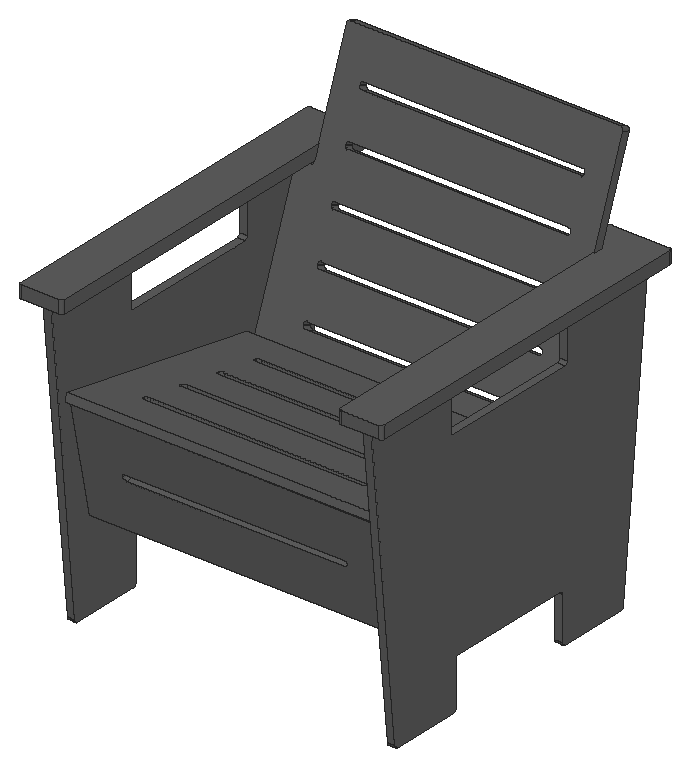
Revit family "Lollygagger Go Lounge", category Furniture, Revit 2016
Family settings
  OmniClass Number = 23.40.20.00
  OmniClass Title = General Furniture and Specialties
  Work Plane-Based = No
  Always vertical = Yes
  Cut with Voids When Loaded = No
  Shared = No
  Room Calculation Point = No
Parameters (values of type "Loll-Black")
  Width = 2' - 5 1/32"  # constant formula
  URL = "https://lolldesigns.com/"
  Type Image = go_lounge.jpg
  Thick = 0' - 1"  # constant formula
  Model = ""
  Manufacturer = "Loll"  # constant formula
  Length = 2' - 5 1/8"  # constant formula
  Height Top = 2' - 1"  # constant formula
  Finish Material = Loll-Black
  Apron = 1' - 8"  # constant formula
Reference planes (in)
  plane 1 "Center Front/Back": y = 0
  plane 2: z = 0
  plane 3 "Center Left/Right": x = 0
  plane 4: z = 25
  plane 5: z = 24
  plane 6: y = 14.51563
  plane 7: y = -14.51562
  plane 8: z = 4
  plane 9: x = -14.5625
  plane 10: x = 14.5625
  plane 11: y = 11.49316
  plane 12: y = -11.49341
  plane 13: x = 13.125
  plane 14: x = 12.5
  plane 15: x = -13.125
  plane 16: x = -12.5
  plane 17: x = -11.0625
  plane 18: x = 11.0625
  plane 19: through (-60.54339, -180.70356, 49.73688) normal (0, 0.1908, 0.9816)
  plane 20: through (-60.54339, -180.82281, 49.12337) normal (0, 0.1908, 0.9816)
  plane 21: through (0, 13.69933, 31.72165) normal (0, -0.9336, 0.3584)
  plane 22: through (0, 14.28281, 31.49767) normal (0, -0.9336, 0.3584)
Forms (in)
  Extrusion 1, solid, material "Loll-Black" <- "Finish Material"
    sketch origin (8.0625, 0.28155, 0) x (1, 0, 0) y (0, 1, 0)
      loop
        arc (-22.3758, 14.23408) -> (-22.55201, 14.16109) -> (-22.625, 13.98488) r 0.2492
        line (-22.625, 13.98488) -> (-22.625, -14.5499)
        arc (-22.625, -14.5499) -> (-22.55258, -14.72475) -> (-22.37773, -14.79717) r 0.24727
        line (-22.37773, -14.79717) -> (-19.37227, -14.79717)
        arc (-19.37227, -14.79717) -> (-19.19742, -14.72475) -> (-19.125, -14.5499) r 0.24727
        line (-19.125, -14.5499) -> (-19.125, 11.39618)
        arc (-19.125, 11.39618) -> (-19.05178, 11.57295) -> (-18.875, 11.64618) r 0.25
        line (-18.875, 11.64618) -> (-17.875, 11.64618)
        arc (-17.875, 11.64618) -> (-17.69822, 11.7194) -> (-17.625, 11.89618) r 0.25
        line (-17.625, 11.89618) -> (-17.625, 13.98488)
        arc (-17.625, 13.98488) -> (-17.69799, 14.16109) -> (-17.8742, 14.23408) r 0.2492
        line (-17.8742, 14.23408) -> (-22.3758, 14.23408)
    from 24 to 25
  Extrusion 2, solid, material "Loll-Black" <- "Finish Material"
    sketch origin (0, 0, 0) x (0, 1, 0) y (0, 0, 1)
      loop
        arc (5.12194, 4) -> (5.30311, 3.92496) -> (5.37815, 3.74379) r 0.25621
        line (5.37815, 3.74379) -> (5.37815, 0.25097)
        arc (5.37815, 0.25097) -> (5.45166, 0.07351) -> (5.62912, 0) r 0.25097
        line (5.62912, 0) -> (11.16657, 0)
        arc (11.16657, 0) -> (11.33707, 0.06716) -> (11.41596, 0.23256) r 0.25
        line (11.41596, 0.23256) -> (13.89062, 24) -> (5.87437, 24) -> (5.87437, 20.25)
        arc (5.87437, 20.25) -> (5.80115, 20.07322) -> (5.62437, 20) r 0.25
        line (5.62437, 20) -> (-5.62563, 20)
        arc (-5.62563, 20) -> (-5.8024, 20.07322) -> (-5.87563, 20.25) r 0.25
        line (-5.87563, 20.25) -> (-5.87563, 24) -> (-13.89062, 24) -> (-11.41621, 0.23256)
        arc (-11.41621, 0.23256) -> (-11.33732, 0.06716) -> (-11.16682, 0) r 0.25
        line (-11.16682, 0) -> (-5.62762, 0)
        arc (-5.62762, 0) -> (-5.4521, 0.0727) -> (-5.3794, 0.24822) r 0.24822
        line (-5.3794, 0.24822) -> (-5.3794, 3.75027)
        arc (-5.3794, 3.75027) -> (-5.30626, 3.92686) -> (-5.12967, 4) r 0.24973
        line (-5.12967, 4) -> (5.12194, 4)
    from 12.5 to 13.125
  Extrusion 3, solid, material "Loll-Black" <- "Finish Material"
    sketch origin (-10.5, 0, 0) x (0, 1, 0) y (0, 0, 1)
      loop
        arc (5.12815, 4) -> (5.30493, 3.92678) -> (5.37815, 3.75) r 0.25
        line (5.37815, 3.75) -> (5.37815, 0.25)
        arc (5.37815, 0.25) -> (5.45137, 0.07322) -> (5.62815, 0) r 0.25
        line (5.62815, 0) -> (11.16657, 0)
        arc (11.16657, 0) -> (11.33707, 0.06716) -> (11.41596, 0.23256) r 0.25
        line (11.41596, 0.23256) -> (13.89062, 24) -> (5.87437, 24) -> (5.87437, 20.25)
        arc (5.87437, 20.25) -> (5.80115, 20.07322) -> (5.62437, 20) r 0.25
        line (5.62437, 20) -> (-5.62563, 20)
        arc (-5.62563, 20) -> (-5.8024, 20.07322) -> (-5.87563, 20.25) r 0.25
        line (-5.87563, 20.25) -> (-5.87563, 24) -> (-13.89063, 24) -> (-11.41621, 0.23256)
        arc (-11.41621, 0.23256) -> (-11.33732, 0.06716) -> (-11.16682, 0) r 0.25
        line (-11.16682, 0) -> (-5.6294, 0)
        arc (-5.6294, 0) -> (-5.45262, 0.07322) -> (-5.3794, 0.25) r 0.25
        line (-5.3794, 0.25) -> (-5.3794, 3.75)
        arc (-5.3794, 3.75) -> (-5.30618, 3.92678) -> (-5.1294, 4) r 0.25
        line (-5.1294, 4) -> (5.12815, 4)
    from -2.625 to -2
  Extrusion 4, solid, material "Loll-Black" <- "Finish Material"
    sketch origin (0, -10.59675, 9.00918) x (0, 0.207912, -0.978148) y (-1, 0, 0)
      loop
        line (1.85532, 12.5) -> (-7.10154, 12.5) -> (-7.10154, -12.5) -> (1.85532, -12.5) -> (1.85532, 12.5)
      loop
        arc (-2.32029, 8.75) -> (-2.39351, 8.92678) -> (-2.57029, 9) r 0.25
        line (-2.57029, 9) -> (-2.60831, 9)
        arc (-2.60831, 9) -> (-2.8024, 8.91961) -> (-2.88279, 8.72552) r 0.27448
        line (-2.88279, 8.72552) -> (-2.88279, -8.75)
        arc (-2.88279, -8.75) -> (-2.80957, -8.92678) -> (-2.63279, -9) r 0.25
        line (-2.63279, -9) -> (-2.59554, -9)
        arc (-2.59554, -9) -> (-2.40091, -8.91938) -> (-2.32029, -8.72475) r 0.27525
        line (-2.32029, -8.72475) -> (-2.32029, 8.75)
    from 0.76661 to 0.14161
  Extrusion 5, solid, material "Loll-Black" <- "Finish Material"
    sketch origin (-11.5, 5.46875, 16) x (1, 0, 0) y (0, -1, 0)
      loop
        line (-0.80761, 16.73183) -> (-1.80971, 16.73183)
        arc (-1.80971, 16.73183) -> (-2.4304, 16.47473) -> (-2.6875, 15.85403) r 0.87779
        line (-2.6875, 15.85403) -> (-2.6875, 14.84737)
        arc (-2.6875, 14.84737) -> (-2.43399, 14.23534) -> (-1.82196, 13.98183) r 0.86554
        line (-1.82196, 13.98183) -> (-0.80914, 13.98183)
        arc (-0.80914, 13.98183) -> (-0.1928, 14.23712) -> (0.0625, 14.85346) r 0.87164
        line (0.0625, 14.85346) -> (0.0625, 15.86172)
        arc (0.0625, 15.86172) -> (-0.19235, 16.47698) -> (-0.80761, 16.73183) r 0.87011
      loop
        circle (-0.43961, 15.35507) r 0.15388
      loop
        circle (-2.18539, 15.35507) r 0.15388
    from -8 to -7.75
  Extrusion 6, solid, material "Loll-Black" <- "Finish Material"
    sketch origin (-8.0625, 0.28155, 0) x (-1, 0, 0) y (0, -1, 0)
      loop
        line (-22.3758, -14.23408) -> (-17.8742, -14.23408)
        arc (-17.8742, -14.23408) -> (-17.69799, -14.16109) -> (-17.625, -13.98488) r 0.2492
        line (-17.625, -13.98488) -> (-17.625, -11.89618)
        arc (-17.625, -11.89618) -> (-17.69822, -11.7194) -> (-17.875, -11.64618) r 0.25
        line (-17.875, -11.64618) -> (-18.875, -11.64618)
        arc (-18.875, -11.64618) -> (-19.05178, -11.57295) -> (-19.125, -11.39618) r 0.25
        line (-19.125, -11.39618) -> (-19.125, 14.5499)
        arc (-19.125, 14.5499) -> (-19.19742, 14.72475) -> (-19.37227, 14.79717) r 0.24727
        line (-19.37227, 14.79717) -> (-22.37773, 14.79717)
        arc (-22.37773, 14.79717) -> (-22.55258, 14.72475) -> (-22.625, 14.5499) r 0.24727
        line (-22.625, 14.5499) -> (-22.625, -13.98488)
        arc (-22.625, -13.98488) -> (-22.55201, -14.16109) -> (-22.3758, -14.23408) r 0.2492
    from 24 to 25
  Extrusion 7, solid, material "Loll-Black" <- "Finish Material"
    sketch origin (21.6575, -13.11048, 4.44217) x (1, 0, 0) y (0, 0.981627, -0.190808)
      loop
        line (-34.1575, 16.70517) -> (-34.1575, -1.66443) -> (-9.1575, -1.66443) -> (-9.1575, 16.70517) -> (-34.1575, 16.70517)
      loop
        line (-12.9075, 2.12307) -> (-30.4075, 2.12307)
        arc (-30.4075, 2.12307) -> (-30.58428, 2.04985) -> (-30.6575, 1.87307) r 0.25
        line (-30.6575, 1.87307) -> (-30.6575, 1.81057)
        arc (-30.6575, 1.81057) -> (-30.58428, 1.6338) -> (-30.4075, 1.56057) r 0.25
        line (-30.4075, 1.56057) -> (-12.9075, 1.56057)
        arc (-12.9075, 1.56057) -> (-12.73072, 1.6338) -> (-12.6575, 1.81057) r 0.25
        line (-12.6575, 1.81057) -> (-12.6575, 1.87307)
        arc (-12.6575, 1.87307) -> (-12.73072, 2.04985) -> (-12.9075, 2.12307) r 0.25
      loop
        line (-30.4075, 5.34807) -> (-12.9075, 5.34807)
        arc (-12.9075, 5.34807) -> (-12.73072, 5.4213) -> (-12.6575, 5.59807) r 0.25
        line (-12.6575, 5.59807) -> (-12.6575, 5.66057)
        arc (-12.6575, 5.66057) -> (-12.73072, 5.83735) -> (-12.9075, 5.91057) r 0.25
        line (-12.9075, 5.91057) -> (-30.4075, 5.91057)
        arc (-30.4075, 5.91057) -> (-30.58428, 5.83735) -> (-30.6575, 5.66057) r 0.25
        line (-30.6575, 5.66057) -> (-30.6575, 5.59807)
        arc (-30.6575, 5.59807) -> (-30.58428, 5.4213) -> (-30.4075, 5.34807) r 0.25
      loop
        line (-30.4075, 9.13557) -> (-12.9075, 9.13557)
        arc (-12.9075, 9.13557) -> (-12.73072, 9.2088) -> (-12.6575, 9.38557) r 0.25
        line (-12.6575, 9.38557) -> (-12.6575, 9.44807)
        arc (-12.6575, 9.44807) -> (-12.73072, 9.62485) -> (-12.9075, 9.69807) r 0.25
        line (-12.9075, 9.69807) -> (-30.4075, 9.69807)
        arc (-30.4075, 9.69807) -> (-30.58428, 9.62485) -> (-30.6575, 9.44807) r 0.25
        line (-30.6575, 9.44807) -> (-30.6575, 9.38557)
        arc (-30.6575, 9.38557) -> (-30.58428, 9.2088) -> (-30.4075, 9.13557) r 0.25
      loop
        line (-30.4075, 12.92307) -> (-12.9075, 12.92307)
        arc (-12.9075, 12.92307) -> (-12.73072, 12.9963) -> (-12.6575, 13.17307) r 0.25
        line (-12.6575, 13.17307) -> (-12.6575, 13.23557)
        arc (-12.6575, 13.23557) -> (-12.73072, 13.41235) -> (-12.9075, 13.48557) r 0.25
        line (-12.9075, 13.48557) -> (-30.4075, 13.48557)
        arc (-30.4075, 13.48557) -> (-30.58428, 13.41235) -> (-30.6575, 13.23557) r 0.25
        line (-30.6575, 13.23557) -> (-30.6575, 13.17307)
        arc (-30.6575, 13.17307) -> (-30.58428, 12.9963) -> (-30.4075, 12.92307) r 0.25
    from 11.85938 to 12.48438
  Extrusion 8, solid, material "Loll-Black" <- "Finish Material"
    sketch origin (-11.25, -1.39413, 12.41392) x (0, -0.275637, -0.961262) y (0, 0.961262, -0.275637)
      loop
        circle (0.81959, 6.24531) r 0.15567
      loop
        line (-0.09884, 7.20773) -> (-0.14269, 6.7065)
        arc (-0.14269, 6.7065) -> (0.76635, 5.62315) -> (1.8497, 6.53218) r 1
        line (1.8497, 6.53218) -> (1.89355, 7.03342) -> (-0.09884, 7.20773)
    from 23.125 to 23.75
  Extrusion 9, solid, material "Loll-Black" <- "Finish Material"
    sketch origin (-11.5, 21.33866, 16) x (1, 0, 0) y (0, -1, 0)
      loop
        line (-0.80761, 13.70058) -> (-1.80971, 13.70058)
        arc (-1.80971, 13.70058) -> (-2.4304, 13.44348) -> (-2.6875, 12.82278) r 0.87779
        line (-2.6875, 12.82278) -> (-2.6875, 11.81612)
        arc (-2.6875, 11.81612) -> (-2.43399, 11.20409) -> (-1.82196, 10.95058) r 0.86554
        line (-1.82196, 10.95058) -> (-0.80914, 10.95058)
        arc (-0.80914, 10.95058) -> (-0.1928, 11.20587) -> (0.0625, 11.82221) r 0.87164
        line (0.0625, 11.82221) -> (0.0625, 12.83047)
        arc (0.0625, 12.83047) -> (-0.19235, 13.44573) -> (-0.80761, 13.70058) r 0.87011
      loop
        circle (-0.43961, 12.32382) r 0.15388
      loop
        circle (-2.18539, 12.32382) r 0.15388
    from -8 to -7.75
  Extrusion 10, solid, material "Loll-Black" <- "Finish Material"
    sketch origin (11.5, 5.46875, 16) x (1, 0, 0) y (0, -1, 0)
      loop
        arc (0.80761, 16.73183) -> (0.19235, 16.47698) -> (-0.0625, 15.86172) r 0.87011
        line (-0.0625, 15.86172) -> (-0.0625, 14.85346)
        arc (-0.0625, 14.85346) -> (0.1928, 14.23712) -> (0.80914, 13.98183) r 0.87164
        line (0.80914, 13.98183) -> (1.82196, 13.98183)
        arc (1.82196, 13.98183) -> (2.43399, 14.23534) -> (2.6875, 14.84737) r 0.86554
        line (2.6875, 14.84737) -> (2.6875, 15.85403)
        arc (2.6875, 15.85403) -> (2.4304, 16.47473) -> (1.80971, 16.73183) r 0.87779
        line (1.80971, 16.73183) -> (0.80761, 16.73183)
      loop
        circle (0.43961, 15.35507) r 0.15388
      loop
        circle (2.18539, 15.35507) r 0.15388
    from -8 to -7.75
  Extrusion 11, solid, material "Loll-Black" <- "Finish Material"
    sketch origin (11.5, 21.33866, 16) x (1, 0, 0) y (0, -1, 0)
      loop
        arc (0.80761, 13.70058) -> (0.19235, 13.44573) -> (-0.0625, 12.83047) r 0.87011
        line (-0.0625, 12.83047) -> (-0.0625, 11.82221)
        arc (-0.0625, 11.82221) -> (0.1928, 11.20587) -> (0.80914, 10.95058) r 0.87164
        line (0.80914, 10.95058) -> (1.82196, 10.95058)
        arc (1.82196, 10.95058) -> (2.43399, 11.20409) -> (2.6875, 11.81612) r 0.86554
        line (2.6875, 11.81612) -> (2.6875, 12.82278)
        arc (2.6875, 12.82278) -> (2.4304, 13.44348) -> (1.80971, 13.70058) r 0.87779
        line (1.80971, 13.70058) -> (0.80761, 13.70058)
      loop
        circle (0.43961, 12.32382) r 0.15388
      loop
        circle (2.18539, 12.32382) r 0.15388
    from -8 to -7.75
  Extrusion 12, solid, material "Loll-Black" <- "Finish Material"
    sketch origin (0, 3.90086, 7.37984) x (0, -0.358368, -0.93358) y (1, 0, 0)
      loop
        line (-0.24154, -12.5) -> (-0.24154, 12.5) -> (-17.69739, 12.5) -> (-17.69739, 11.0625) -> (-27.00654, 11.0625)
        arc (-27.00654, 11.0625) -> (-27.18332, 10.98928) -> (-27.25654, 10.8125) r 0.25
        line (-27.25654, 10.8125) -> (-27.25654, -10.8125)
        arc (-27.25654, -10.8125) -> (-27.18332, -10.98928) -> (-27.00654, -11.0625) r 0.25
        line (-27.00654, -11.0625) -> (-17.69838, -11.0625) -> (-17.69838, -12.5) -> (-0.24154, -12.5)
      loop
        line (-4.19404, 8.72036) -> (-4.19404, -8.75)
        arc (-4.19404, -8.75) -> (-4.12081, -8.92678) -> (-3.94404, -9) r 0.25
        line (-3.94404, -9) -> (-3.88154, -9)
        arc (-3.88154, -9) -> (-3.70476, -8.92678) -> (-3.63154, -8.75) r 0.25
        line (-3.63154, -8.75) -> (-3.63154, 8.75)
        arc (-3.63154, 8.75) -> (-3.70476, 8.92678) -> (-3.88154, 9) r 0.25
        line (-3.88154, 9) -> (-3.91439, 9)
        arc (-3.91439, 9) -> (-4.11213, 8.91809) -> (-4.19404, 8.72036) r 0.27964
      loop
        arc (-7.56904, 8.79138) -> (-7.63014, 8.9389) -> (-7.77765, 9) r 0.20862
        line (-7.77765, 9) -> (-7.85355, 9)
        arc (-7.85355, 9) -> (-8.05012, 8.91858) -> (-8.13154, 8.72201) r 0.27799
        line (-8.13154, 8.72201) -> (-8.13154, -8.75)
        arc (-8.13154, -8.75) -> (-8.05831, -8.92678) -> (-7.88154, -9) r 0.25
        line (-7.88154, -9) -> (-7.81904, -9)
        arc (-7.81904, -9) -> (-7.64226, -8.92678) -> (-7.56904, -8.75) r 0.25
        line (-7.56904, -8.75) -> (-7.56904, 8.79138)
      loop
        arc (-11.50654, 8.79138) -> (-11.56764, 8.9389) -> (-11.71515, 9) r 0.20862
        line (-11.71515, 9) -> (-11.79105, 9)
        arc (-11.79105, 9) -> (-11.98762, 8.91858) -> (-12.06904, 8.72201) r 0.27799
        line (-12.06904, 8.72201) -> (-12.06904, -8.75)
        arc (-12.06904, -8.75) -> (-11.99581, -8.92678) -> (-11.81904, -9) r 0.25
        line (-11.81904, -9) -> (-11.75654, -9)
        arc (-11.75654, -9) -> (-11.57976, -8.92678) -> (-11.50654, -8.75) r 0.25
        line (-11.50654, -8.75) -> (-11.50654, 8.79138)
      loop
        arc (-15.44404, 8.79138) -> (-15.50514, 8.9389) -> (-15.65265, 9) r 0.20862
        line (-15.65265, 9) -> (-15.72855, 9)
        arc (-15.72855, 9) -> (-15.92512, 8.91858) -> (-16.00654, 8.72201) r 0.27799
        line (-16.00654, 8.72201) -> (-16.00654, -8.75)
        arc (-16.00654, -8.75) -> (-15.93331, -8.92678) -> (-15.75654, -9) r 0.25
        line (-15.75654, -9) -> (-15.69404, -9)
        arc (-15.69404, -9) -> (-15.51726, -8.92678) -> (-15.44404, -8.75) r 0.25
        line (-15.44404, -8.75) -> (-15.44404, 8.79138)
      loop
        arc (-19.38154, 8.79138) -> (-19.44264, 8.9389) -> (-19.59015, 9) r 0.20862
        line (-19.59015, 9) -> (-19.66605, 9)
        arc (-19.66605, 9) -> (-19.86262, 8.91858) -> (-19.94404, 8.72201) r 0.27799
        line (-19.94404, 8.72201) -> (-19.94404, -8.75)
        arc (-19.94404, -8.75) -> (-19.87081, -8.92678) -> (-19.69404, -9) r 0.25
        line (-19.69404, -9) -> (-19.63154, -9)
        arc (-19.63154, -9) -> (-19.45476, -8.92678) -> (-19.38154, -8.75) r 0.25
        line (-19.38154, -8.75) -> (-19.38154, 8.79138)
      loop
        arc (-23.31904, 8.79138) -> (-23.38014, 8.9389) -> (-23.52765, 9) r 0.20862
        line (-23.52765, 9) -> (-23.60355, 9)
        arc (-23.60355, 9) -> (-23.80012, 8.91858) -> (-23.88154, 8.72201) r 0.27799
        line (-23.88154, 8.72201) -> (-23.88154, -8.75)
        arc (-23.88154, -8.75) -> (-23.80831, -8.92678) -> (-23.63154, -9) r 0.25
        line (-23.63154, -9) -> (-23.56904, -9)
        arc (-23.56904, -9) -> (-23.39226, -8.92678) -> (-23.31904, -8.75) r 0.25
        line (-23.31904, -8.75) -> (-23.31904, 8.79138)
    from -0.42433 to -1.04933
  Extrusion 13, solid, material "Loll-Black" <- "Finish Material"
    sketch origin (0.03, 3.96253, 11.9039) x (1, 0, 0) y (0, -0.190809, -0.981627)
      loop
        line (-12.53, -1.27706) -> (12.47, -1.27706) -> (12.47, 2.47294) -> (-12.53, 2.47294) -> (-12.53, -1.27706)
    from 0 to -0.625
  Extrusion 14, solid, material "Loll-Black" <- "Finish Material"
    sketch origin (11.25, -1.13378, 14.7211) x (0, 0.207912, -0.978148) y (0, -0.978148, -0.207912)
      loop
        line (-2.52633, 9.67715) -> (-2.52284, 9.03495)
        arc (-2.52284, 9.03495) -> (-2.26305, 8.41729) -> (-1.6426, 8.16423) r 0.8755
        line (-1.6426, 8.16423) -> (3.60358, 8.19275)
        arc (3.60358, 8.19275) -> (4.22319, 8.45335) -> (4.47704, 9.07575) r 0.87825
        line (4.47704, 9.07575) -> (4.47377, 9.67715) -> (-2.52633, 9.67715)
      loop
        circle (-1.02554, 8.80606) r 0.15567
      loop
        circle (2.97364, 8.80386) r 0.15567
    from -1.25 to -0.625
  Extrusion 15, solid, material "Loll-Black" <- "Finish Material"
    sketch origin (11.25, -3.47701, 6.9062) x (0, -0.981627, 0.190808) y (0, 0.190808, 0.981627)
      loop
        line (-2.34925, 7.60247) -> (-2.34575, 6.95833)
        arc (-2.34575, 6.95833) -> (-2.08596, 6.34066) -> (-1.46551, 6.0876) r 0.8755
        line (-1.46551, 6.0876) -> (3.78067, 6.11612)
        arc (3.78067, 6.11612) -> (4.40028, 6.37672) -> (4.65413, 6.99913) r 0.87825
        line (4.65413, 6.99913) -> (4.65085, 7.60247) -> (-2.34925, 7.60247)
      loop
        circle (-0.84241, 6.67146) r 0.15567
      loop
        circle (3.15753, 6.6932) r 0.15567
    from -1.25 to -0.625
  Extrusion 16, solid, material "Loll-Black" <- "Finish Material"
    sketch origin (11.25, -3.14948, 5.0487) x (0, -0.981627, 0.190808) y (0, 0.190808, 0.981627)
      loop
        line (-5.04831, 6.09838) -> (8.77486, 6.09839) -> (10.12012, 9.26761) -> (9.97297, 9.33007) -> (2.45092, 9.09036) -> (-5.04831, 9.35223) -> (-5.04831, 6.09838)
    from 10.9375 to 11.5625
  Extrusion 17, solid, material "Loll-Black" <- "Finish Material"
    sketch origin (0.03, 3.34901, 12.02316) x (-1, 0, 0) y (0, -0.190809, -0.981627)
      loop
        line (0.89633, 1.48045) -> (0.53, 1.48045) -> (0.53, -0.51955) -> (0.89633, -0.51955)
        arc (0.89633, -0.51955) -> (1.89633, 0.48045) -> (0.89633, 1.48045) r 1
      loop
        circle (1.27894, 0.48092) r 0.17706
    from 0 to 0.75213
  Extrusion 18, solid, material "Loll-Black" <- "Finish Material"
    sketch origin (0.03, -9.80808, 14.93214) x (-1, 0, 0) y (0, 0.21089, -0.97751)
      loop
        line (0.89633, 1.48045) -> (0.53, 1.48045) -> (0.53, -0.51955) -> (0.89633, -0.51955)
        arc (0.89633, -0.51955) -> (1.89633, 0.48045) -> (0.89633, 1.48045) r 1
      loop
        circle (1.27894, 0.48092) r 0.17706
    from 0.6092 to 1.09843
  Extrusion 19, solid, material "Loll-Black" <- "Finish Material"
    sketch origin (-35.625, -1.39413, 12.41392) x (0, -0.275637, -0.961262) y (0, 0.961262, -0.275637)
      loop
        circle (0.81959, 6.24531) r 0.15567
      loop
        line (-0.09884, 7.20773) -> (-0.14269, 6.7065)
        arc (-0.14269, 6.7065) -> (0.76635, 5.62315) -> (1.8497, 6.53218) r 1
        line (1.8497, 6.53218) -> (1.89355, 7.03342) -> (-0.09884, 7.20773)
    from 23.125 to 23.75
  Extrusion 20, solid, material "Loll-Black" <- "Finish Material"
    sketch origin (-13.125, -1.13378, 14.7211) x (0, 0.207912, -0.978148) y (0, -0.978148, -0.207912)
      loop
        line (-2.52633, 9.67715) -> (-2.52284, 9.03495)
        arc (-2.52284, 9.03495) -> (-2.26305, 8.41729) -> (-1.6426, 8.16423) r 0.8755
        line (-1.6426, 8.16423) -> (3.60358, 8.19275)
        arc (3.60358, 8.19275) -> (4.22319, 8.45335) -> (4.47704, 9.07575) r 0.87825
        line (4.47704, 9.07575) -> (4.47377, 9.67715) -> (-2.52633, 9.67715)
      loop
        circle (-1.02554, 8.80606) r 0.15567
      loop
        circle (2.97364, 8.80386) r 0.15567
    from -1.25 to -0.625
  Extrusion 21, solid, material "Loll-Black" <- "Finish Material"
    sketch origin (-13.125, -3.47701, 6.9062) x (0, -0.981627, 0.190808) y (0, 0.190808, 0.981627)
      loop
        line (-2.34925, 7.60247) -> (-2.34575, 6.95833)
        arc (-2.34575, 6.95833) -> (-2.08596, 6.34066) -> (-1.46551, 6.0876) r 0.8755
        line (-1.46551, 6.0876) -> (3.78067, 6.11612)
        arc (3.78067, 6.11612) -> (4.40028, 6.37672) -> (4.65413, 6.99913) r 0.87825
        line (4.65413, 6.99913) -> (4.65085, 7.60247) -> (-2.34925, 7.60247)
      loop
        circle (-0.84241, 6.67146) r 0.15567
      loop
        circle (3.15753, 6.6932) r 0.15567
    from -1.25 to -0.625
Lines and regions (in)
  Masking region 1
    outline origin (0, 0, 0) x (1, 0, 0) y (0, 0, 1)
      loop
        line (-9.5625, 25) -> (-14.5625, 25) -> (-14.5625, 24) -> (-9.5625, 24) -> (-9.5625, 25)
      loop
        line (14.5625, 24) -> (14.5625, 25) -> (9.5625, 25) -> (9.5625, 24) -> (14.5625, 24)
  Masking region 2
    outline origin (0, 0, 0) x (0, 1, 0) y (0, 0, 1)
      loop
        line (14.51562, 25) -> (-14.51563, 25) -> (-14.51563, 24) -> (14.51562, 24) -> (14.51562, 25)
  Masking region 3
    outline origin (0, 0, 0) x (0, 1, 0) y (0, 0, 1)
      loop
        line (-11.16682, 0) -> (-5.6294, 0)
        arc (-5.6294, 0) -> (-5.45262, 0.07322) -> (-5.3794, 0.25) r 0.25
        line (-5.3794, 0.25) -> (-5.3794, 3.75)
        arc (-5.3794, 3.75) -> (-5.30618, 3.92678) -> (-5.1294, 4) r 0.25
        line (-5.1294, 4) -> (5.12815, 4)
        arc (5.12815, 4) -> (5.30493, 3.92678) -> (5.37815, 3.75) r 0.25
        line (5.37815, 3.75) -> (5.37815, 0.25)
        arc (5.37815, 0.25) -> (5.45137, 0.07322) -> (5.62815, 0) r 0.25
        line (5.62815, 0) -> (11.16657, 0)
        arc (11.16657, 0) -> (11.33707, 0.06716) -> (11.41596, 0.23256) r 0.25
        line (11.41596, 0.23256) -> (13.89063, 24) -> (5.87438, 24) -> (5.87438, 20.25)
        arc (5.87438, 20.25) -> (5.80115, 20.07322) -> (5.62438, 20) r 0.25
        line (5.62438, 20) -> (-5.62562, 20)
        arc (-5.62562, 20) -> (-5.8024, 20.07322) -> (-5.87562, 20.25) r 0.25
        line (-5.87562, 20.25) -> (-5.87562, 24) -> (-13.89062, 24) -> (-11.41621, 0.23256)
        arc (-11.41621, 0.23256) -> (-11.33732, 0.06716) -> (-11.16682, 0) r 0.25
      loop
        line (16.96769, 40.23603) -> (11.11913, 25) -> (11.78859, 25) -> (17.55118, 40.01205) -> (16.96769, 40.23603)
  Masking region 4
    outline origin (0, 0, 0) x (1, 0, 0) y (0, 1, 0)
      loop
        arc (-11.0625, 14.26643) -> (-11.13549, 14.44264) -> (-11.3117, 14.51562) r 0.2492
        line (-11.3117, 14.51562) -> (-14.3133, 14.51562)
        arc (-14.3133, 14.51562) -> (-14.48951, 14.44264) -> (-14.5625, 14.26643) r 0.2492
        line (-14.5625, 14.26643) -> (-14.5625, -14.26562)
        arc (-14.5625, -14.26562) -> (-14.48928, -14.4424) -> (-14.3125, -14.51562) r 0.25
        line (-14.3125, -14.51562) -> (-11.3125, -14.51562)
        arc (-11.3125, -14.51562) -> (-11.13572, -14.4424) -> (-11.0625, -14.26562) r 0.25
        line (-11.0625, -14.26562) -> (-11.0625, 14.26643)
      loop
        line (11.0625, 14.26563) -> (11.0625, -14.26562)
        arc (11.0625, -14.26562) -> (11.13572, -14.4424) -> (11.3125, -14.51562) r 0.25
        line (11.3125, -14.51562) -> (14.3125, -14.51562)
        arc (14.3125, -14.51562) -> (14.48928, -14.4424) -> (14.5625, -14.26563) r 0.25
        line (14.5625, -14.26563) -> (14.5625, 14.26563)
        arc (14.5625, 14.26563) -> (14.48928, 14.4424) -> (14.3125, 14.51563) r 0.25
        line (14.3125, 14.51563) -> (11.3125, 14.51563)
        arc (11.3125, 14.51563) -> (11.13572, 14.4424) -> (11.0625, 14.26563) r 0.25
  Masking region 5
    outline origin (0, 0, 0) x (1, 0, 0) y (0, 0, 1)
      loop
        line (14.1875, 24) -> (12.5, 24) -> (12.5, 0) -> (13.125, 0) -> (13.125, 23.75) -> (14.1875, 23.75) -> (14.1875, 24)
      loop
        line (-14.1875, 24) -> (-14.1875, 23.75) -> (-13.125, 23.75) -> (-13.125, 0) -> (-12.5, 0) -> (-12.5, 23.75) -> (-10.93865, 23.75) -> (-10.93865, 24) -> (-14.1875, 24)
  Masking region 6
    outline origin (0, 0, 0) x (1, 0, 0) y (0, 0, 1)
      loop
        line (11.0625, 23.75) -> (11.0625, 32.42394)
        arc (11.0625, 32.42394) -> (10.98928, 32.60072) -> (10.8125, 32.67394) r 0.25
        line (10.8125, 32.67394) -> (-10.8125, 32.67394)
        arc (-10.8125, 32.67394) -> (-10.98928, 32.60072) -> (-11.0625, 32.42394) r 0.25
        line (-11.0625, 32.42394) -> (-11.0625, 23.75) -> (-12.5, 23.75) -> (-12.5, 7.22384) -> (12.5, 7.22384) -> (12.5, 23.75) -> (11.0625, 23.75)
      loop
        spline (8.79183, 25.32199) -> (8.81273, 25.32296) -> (8.83343, 25.32587) -> (8.85371, 25.33068) -> (8.87337, 25.33735) -> (8.89222, 25.34582) -> (8.91007, 25.35599) -> (8.92673, 25.36777) -> (8.94205, 25.38103) -> (8.95586, 25.39565) -> (8.96804, 25.41148) -> (8.97846, 25.42836) -> (8.98702, 25.44612)
        spline (8.98702, 25.44612) -> (8.97646, 25.4712) -> (8.96317, 25.49513) -> (8.94731, 25.51763) -> (8.92904, 25.53847) -> (8.90855, 25.55742) -> (8.88608, 25.57428) -> (8.86186, 25.58887) -> (8.83615, 25.60103) -> (8.80924, 25.61062) -> (8.7814, 25.61755) -> (8.75295, 25.62173) -> (8.72419, 25.62313)
        line (8.72419, 25.62313) -> (-8.75343, 25.62313)
        spline (-8.75343, 25.62313) -> (-8.77825, 25.62166) -> (-8.80279, 25.61789) -> (-8.82681, 25.61187) -> (-8.85007, 25.60364) -> (-8.87234, 25.5933) -> (-8.8934, 25.58094) -> (-8.91304, 25.5667) -> (-8.93106, 25.5507) -> (-8.9473, 25.5331) -> (-8.96158, 25.51409) -> (-8.97376, 25.49385) -> (-8.98373, 25.47258)
        spline (-8.98373, 25.47258) -> (-8.97363, 25.45107) -> (-8.96127, 25.43061) -> (-8.94677, 25.41142) -> (-8.93027, 25.39369) -> (-8.91195, 25.37759) -> (-8.89199, 25.3633) -> (-8.87059, 25.35095) -> (-8.84797, 25.34067) -> (-8.82436, 25.33256) -> (-8.8, 25.32671) -> (-8.77513, 25.32318) -> (-8.75, 25.32199)
        line (-8.75, 25.32199) -> (8.79183, 25.32199)
      loop
        spline (8.79138, 28.99797) -> (8.81157, 28.99891) -> (8.83156, 29.00172) -> (8.85118, 29.00638) -> (8.87023, 29.01285) -> (8.88855, 29.02105) -> (8.90595, 29.03092) -> (8.92228, 29.04236) -> (8.93738, 29.05526) -> (8.95111, 29.06951) -> (8.96335, 29.08497) -> (8.97397, 29.1015) -> (8.98287, 29.11893)
        spline (8.98287, 29.11893) -> (8.97226, 29.14449) -> (8.95896, 29.16886) -> (8.94312, 29.19177) -> (8.92489, 29.21299) -> (8.90448, 29.23228) -> (8.88211, 29.24944) -> (8.85802, 29.26428) -> (8.83246, 29.27664) -> (8.8057, 29.2864) -> (8.77805, 29.29345) -> (8.74978, 29.29771) -> (8.7212, 29.29913)
        line (8.7212, 29.29913) -> (-8.74912, 29.29913)
        spline (-8.74912, 29.29913) -> (-8.77395, 29.29793) -> (-8.79855, 29.29433) -> (-8.82264, 29.28839) -> (-8.846, 29.28014) -> (-8.86838, 29.26968) -> (-8.88957, 29.25712) -> (-8.90935, 29.24257) -> (-8.92752, 29.22618) -> (-8.9439, 29.20813) -> (-8.95832, 29.18858) -> (-8.97065, 29.16774) -> (-8.98075, 29.14581)
        spline (-8.98075, 29.14581) -> (-8.97023, 29.12456) -> (-8.9576, 29.10439) -> (-8.94298, 29.08551) -> (-8.92651, 29.0681) -> (-8.90834, 29.05232) -> (-8.88866, 29.03832) -> (-8.86764, 29.02624) -> (-8.84549, 29.01619) -> (-8.82243, 29.00828) -> (-8.79868, 29.00257) -> (-8.77446, 28.99912) -> (-8.75, 28.99797)
        line (-8.75, 28.99797) -> (8.79138, 28.99797)
      loop
        spline (8.98568, 21.76987) -> (8.97511, 21.79499) -> (8.9618, 21.81895) -> (8.9459, 21.84149) -> (8.92758, 21.86236) -> (8.90703, 21.88135) -> (8.88448, 21.89824) -> (8.86018, 21.91286) -> (8.83438, 21.92503) -> (8.80737, 21.93465) -> (8.77943, 21.94159) -> (8.75088, 21.94578) -> (8.72201, 21.94718)
        line (8.72201, 21.94718) -> (-8.75, 21.94718)
        spline (-8.75, 21.94718) -> (-8.77513, 21.946) -> (-8.8, 21.94247) -> (-8.82436, 21.93662) -> (-8.84797, 21.92851) -> (-8.87059, 21.91823) -> (-8.89199, 21.90588) -> (-8.91195, 21.89159) -> (-8.93027, 21.87549) -> (-8.94677, 21.85776) -> (-8.96127, 21.83857) -> (-8.97363, 21.81812) -> (-8.98373, 21.7966)
        spline (-8.98373, 21.7966) -> (-8.97363, 21.77509) -> (-8.96127, 21.75464) -> (-8.94677, 21.73545) -> (-8.93027, 21.71771) -> (-8.91195, 21.70162) -> (-8.89199, 21.68732) -> (-8.87059, 21.67497) -> (-8.84797, 21.66469) -> (-8.82436, 21.65659) -> (-8.8, 21.65074) -> (-8.77513, 21.64721) -> (-8.75, 21.64602)
        line (-8.75, 21.64602) -> (8.79138, 21.64602)
        spline (8.79138, 21.64602) -> (8.81218, 21.64699) -> (8.83277, 21.64989) -> (8.85294, 21.6547) -> (8.8725, 21.66135) -> (8.89126, 21.66979) -> (8.90902, 21.67994) -> (8.92561, 21.69169) -> (8.94086, 21.70492) -> (8.95462, 21.71951) -> (8.96675, 21.7353) -> (8.97714, 21.75215) -> (8.98568, 21.76987)
      loop
        line (-8.75, 17.97005) -> (8.79138, 17.97005)
        spline (8.79138, 17.97005) -> (8.81218, 17.97102) -> (8.83277, 17.97392) -> (8.85294, 17.97872) -> (8.8725, 17.98538) -> (8.89126, 17.99382) -> (8.90902, 18.00397) -> (8.92561, 18.01571) -> (8.94086, 18.02895) -> (8.95462, 18.04353) -> (8.96675, 18.05933) -> (8.97714, 18.07617) -> (8.98568, 18.0939)
        spline (8.98568, 18.0939) -> (8.97511, 18.11902) -> (8.9618, 18.14298) -> (8.9459, 18.16552) -> (8.92758, 18.18639) -> (8.90703, 18.20538) -> (8.88448, 18.22227) -> (8.86018, 18.23688) -> (8.83438, 18.24906) -> (8.80737, 18.25867) -> (8.77943, 18.26561) -> (8.75088, 18.26981) -> (8.72201, 18.27121)
        line (8.72201, 18.27121) -> (-8.75, 18.27121)
        spline (-8.75, 18.27121) -> (-8.77513, 18.27003) -> (-8.8, 18.2665) -> (-8.82436, 18.26065) -> (-8.84797, 18.25254) -> (-8.87059, 18.24226) -> (-8.89199, 18.22991) -> (-8.91195, 18.21562) -> (-8.93027, 18.19952) -> (-8.94677, 18.18179) -> (-8.96127, 18.1626) -> (-8.97363, 18.14214) -> (-8.98373, 18.12063)
        spline (-8.98373, 18.12063) -> (-8.97363, 18.09912) -> (-8.96127, 18.07867) -> (-8.94677, 18.05947) -> (-8.93027, 18.04174) -> (-8.91195, 18.02565) -> (-8.89199, 18.01135) -> (-8.87059, 17.999) -> (-8.84797, 17.98872) -> (-8.82436, 17.98062) -> (-8.8, 17.97477) -> (-8.77513, 17.97123) -> (-8.75, 17.97005)
  Masking region 7
    outline origin (0, 0, 0) x (1, 0, 0) y (0, 1, 0)
      loop
        line (-11.0625, 14.69436) -> (-11.0625, -12.48146) -> (11.0625, -12.48146) -> (11.0625, 14.69525)
        arc (11.0625, 14.69525) -> (11.04978, 14.71399) -> (11.03078, 14.7263) r 0.05712
        arc (11.03078, 14.7263) -> (10.97872, 14.74795) -> (10.9232, 14.75775) r 0.25772
        line (10.9232, 14.75775) -> (-10.91725, 14.75775)
        arc (-10.91725, 14.75775) -> (-10.97586, 14.74843) -> (-11.03078, 14.72594) r 0.2574
        arc (-11.03078, 14.72594) -> (-11.04988, 14.71341) -> (-11.0625, 14.69436) r 0.05678
  symbolic lines
    curve 1: line (0, 11.49316, 24) -> (0, -11.49341, 24)
  symbolic lines, style "Furniture", detail levels medium+fine
    curve 2: line (-8.75, 2.50945, 0) -> (8.75, 2.50945, 0)
    curve 3: line (-9, 2.20348, 0) -> (-9, 2.26325, 0)
    curve 4: spline (-8.75, 1.95728, 0) -> (-8.78263, 1.95939, 0) -> (-8.8147, 1.96567, 0) -> (-8.84567, 1.97602, 0) -> (-8.875, 1.99027, 0) -> (-8.90219, 2.00816, 0) -> (-8.92678, 2.02939, 0) -> (-8.94834, 2.05361, 0) -> (-8.96651, 2.08038, 0) -> (-8.98097, 2.10927, 0) -> (-8.99148, 2.13976, 0) -> (-8.99786, 2.17135, 0) -> (-9, 2.20348, 0)
    curve 5: spline (-9, 2.26325, 0) -> (-8.99786, 2.29538, 0) -> (-8.99148, 2.32697, 0) -> (-8.98097, 2.35746, 0) -> (-8.96651, 2.38635, 0) -> (-8.94834, 2.41312, 0) -> (-8.92678, 2.43734, 0) -> (-8.90219, 2.45857, 0) -> (-8.875, 2.47646, 0) -> (-8.84567, 2.49071, 0) -> (-8.8147, 2.50106, 0) -> (-8.78263, 2.50734, 0) -> (-8.75, 2.50945, 0)
    curve 6: line (8.75, 1.95728, 0) -> (-8.75, 1.95728, 0)
    curve 7: spline (9, 2.20348, 0) -> (8.99786, 2.17135, 0) -> (8.99148, 2.13976, 0) -> (8.98097, 2.10927, 0) -> (8.96651, 2.08038, 0) -> (8.94834, 2.05361, 0) -> (8.92678, 2.02939, 0) -> (8.90219, 2.00816, 0) -> (8.875, 1.99027, 0) -> (8.84567, 1.97602, 0) -> (8.8147, 1.96567, 0) -> (8.78263, 1.95939, 0) -> (8.75, 1.95728, 0)
    curve 8: spline (8.75, 2.50945, 0) -> (8.78263, 2.50734, 0) -> (8.8147, 2.50106, 0) -> (8.84567, 2.49071, 0) -> (8.875, 2.47646, 0) -> (8.90219, 2.45857, 0) -> (8.92678, 2.43734, 0) -> (8.94834, 2.41312, 0) -> (8.96651, 2.38635, 0) -> (8.98097, 2.35746, 0) -> (8.99148, 2.32697, 0) -> (8.99786, 2.29538, 0) -> (9, 2.26325, 0)
    curve 9: line (9, 2.26325, 0) -> (9, 2.20348, 0)
    curve 10: line (-8.75, -8.6425, 0) -> (8.75, -8.6425, 0)
    curve 11: line (-9, -8.95026, 0) -> (-9, -8.88871, 0)
    curve 12: spline (-8.75, -9.19646, 0) -> (-8.78263, -9.19435, 0) -> (-8.8147, -9.18807, 0) -> (-8.84567, -9.17772, 0) -> (-8.875, -9.16347, 0) -> (-8.90219, -9.14558, 0) -> (-8.92678, -9.12435, 0) -> (-8.94834, -9.10014, 0) -> (-8.96651, -9.07336, 0) -> (-8.98097, -9.04447, 0) -> (-8.99148, -9.01398, 0) -> (-8.99786, -8.98239, 0) -> (-9, -8.95026, 0)
    curve 13: spline (-9, -8.88871, 0) -> (-8.99786, -8.85657, 0) -> (-8.99148, -8.82498, 0) -> (-8.98097, -8.79449, 0) -> (-8.96651, -8.76561, 0) -> (-8.94834, -8.73883, 0) -> (-8.92678, -8.71462, 0) -> (-8.90219, -8.69338, 0) -> (-8.875, -8.67549, 0) -> (-8.84567, -8.66125, 0) -> (-8.8147, -8.65089, 0) -> (-8.78263, -8.64461, 0) -> (-8.75, -8.6425, 0)
    curve 14: line (8.75, -9.19646, 0) -> (-8.75, -9.19646, 0)
    curve 15: spline (9, -8.95026, 0) -> (8.99786, -8.98239, 0) -> (8.99148, -9.01398, 0) -> (8.98097, -9.04447, 0) -> (8.96651, -9.07336, 0) -> (8.94834, -9.10014, 0) -> (8.92678, -9.12435, 0) -> (8.90219, -9.14558, 0) -> (8.875, -9.16347, 0) -> (8.84567, -9.17772, 0) -> (8.8147, -9.18807, 0) -> (8.78263, -9.19435, 0) -> (8.75, -9.19646, 0)
    curve 16: spline (8.75, -8.6425, 0) -> (8.78263, -8.64461, 0) -> (8.8147, -8.65089, 0) -> (8.84567, -8.66125, 0) -> (8.875, -8.67549, 0) -> (8.90219, -8.69338, 0) -> (8.92678, -8.71462, 0) -> (8.94834, -8.73883, 0) -> (8.96651, -8.76561, 0) -> (8.98097, -8.79449, 0) -> (8.99148, -8.82498, 0) -> (8.99786, -8.85657, 0) -> (9, -8.88871, 0)
    curve 17: line (9, -8.88871, 0) -> (9, -8.95026, 0)
    curve 18: line (-8.75, -1.20847, 0) -> (8.75, -1.20847, 0)
    curve 19: line (-9, -1.51443, 0) -> (-9, -1.45467, 0)
    curve 20: spline (-8.75, -1.76063, 0) -> (-8.78263, -1.75853, 0) -> (-8.8147, -1.75224, 0) -> (-8.84567, -1.74189, 0) -> (-8.875, -1.72765, 0) -> (-8.90219, -1.70975, 0) -> (-8.92678, -1.68852, 0) -> (-8.94834, -1.66431, 0) -> (-8.96651, -1.63753, 0) -> (-8.98097, -1.60865, 0) -> (-8.99148, -1.57815, 0) -> (-8.99786, -1.54657, 0) -> (-9, -1.51443, 0)
    curve 21: spline (-9, -1.45467, 0) -> (-8.99786, -1.42253, 0) -> (-8.99148, -1.39095, 0) -> (-8.98097, -1.36045, 0) -> (-8.96651, -1.33157, 0) -> (-8.94834, -1.30479, 0) -> (-8.92678, -1.28058, 0) -> (-8.90219, -1.25934, 0) -> (-8.875, -1.24145, 0) -> (-8.84567, -1.22721, 0) -> (-8.8147, -1.21686, 0) -> (-8.78263, -1.21057, 0) -> (-8.75, -1.20847, 0)
    curve 22: line (8.75, -1.76063, 0) -> (-8.75, -1.76063, 0)
    curve 23: spline (9, -1.51443, 0) -> (8.99786, -1.54657, 0) -> (8.99148, -1.57815, 0) -> (8.98097, -1.60865, 0) -> (8.96651, -1.63753, 0) -> (8.94834, -1.66431, 0) -> (8.92678, -1.68852, 0) -> (8.90219, -1.70975, 0) -> (8.875, -1.72765, 0) -> (8.84567, -1.74189, 0) -> (8.8147, -1.75224, 0) -> (8.78263, -1.75853, 0) -> (8.75, -1.76063, 0)
    curve 24: spline (8.75, -1.20847, 0) -> (8.78263, -1.21057, 0) -> (8.8147, -1.21686, 0) -> (8.84567, -1.22721, 0) -> (8.875, -1.24145, 0) -> (8.90219, -1.25934, 0) -> (8.92678, -1.28058, 0) -> (8.94834, -1.30479, 0) -> (8.96651, -1.33157, 0) -> (8.98097, -1.36045, 0) -> (8.99148, -1.39095, 0) -> (8.99786, -1.42253, 0) -> (9, -1.45467, 0)
    curve 25: line (9, -1.45467, 0) -> (9, -1.51443, 0)
    curve 26: line (-8.75, -4.92638, 0) -> (8.75, -4.92638, 0)
    curve 27: line (-9, -5.23234, 0) -> (-9, -5.17258, 0)
    curve 28: spline (-8.75, -5.47855, 0) -> (-8.78263, -5.47644, 0) -> (-8.8147, -5.47016, 0) -> (-8.84567, -5.4598, 0) -> (-8.875, -5.44556, 0) -> (-8.90219, -5.42767, 0) -> (-8.92678, -5.40643, 0) -> (-8.94834, -5.38222, 0) -> (-8.96651, -5.35544, 0) -> (-8.98097, -5.32656, 0) -> (-8.99148, -5.29606, 0) -> (-8.99786, -5.26448, 0) -> (-9, -5.23234, 0)
    curve 29: spline (-9, -5.17258, 0) -> (-8.99786, -5.14045, 0) -> (-8.99148, -5.10886, 0) -> (-8.98097, -5.07836, 0) -> (-8.96651, -5.04948, 0) -> (-8.94834, -5.0227, 0) -> (-8.92678, -4.99849, 0) -> (-8.90219, -4.97726, 0) -> (-8.875, -4.95936, 0) -> (-8.84567, -4.94512, 0) -> (-8.8147, -4.93477, 0) -> (-8.78263, -4.92849, 0) -> (-8.75, -4.92638, 0)
    curve 30: line (8.75, -5.47855, 0) -> (-8.75, -5.47855, 0)
    curve 31: spline (9, -5.23234, 0) -> (8.99786, -5.26448, 0) -> (8.99148, -5.29606, 0) -> (8.98097, -5.32656, 0) -> (8.96651, -5.35544, 0) -> (8.94834, -5.38222, 0) -> (8.92678, -5.40643, 0) -> (8.90219, -5.42767, 0) -> (8.875, -5.44556, 0) -> (8.84567, -5.4598, 0) -> (8.8147, -5.47016, 0) -> (8.78263, -5.47644, 0) -> (8.75, -5.47855, 0)
    curve 32: spline (8.75, -4.92638, 0) -> (8.78263, -4.92849, 0) -> (8.8147, -4.93477, 0) -> (8.84567, -4.94512, 0) -> (8.875, -4.95936, 0) -> (8.90219, -4.97726, 0) -> (8.92678, -4.99849, 0) -> (8.94834, -5.0227, 0) -> (8.96651, -5.04948, 0) -> (8.98097, -5.07836, 0) -> (8.99148, -5.10886, 0) -> (8.99786, -5.14045, 0) -> (9, -5.17258, 0)
    curve 33: line (9, -5.17258, 0) -> (9, -5.23234, 0)
  symbolic lines, style "Furniture"
    curve 34: line (-11.0625, 6.78992, 0) -> (11.0625, 6.78992, 0)
Dimensions and locks (in)
  "Height Top": plane 4 to level
  "Thick": plane 4 to plane 5
  "Width": plane 6 to plane 7
  equal spacing: plane 7, plane 1 "Center Front/Back", plane 6
  "Apron": plane 8 to plane 5
  plane 7 to plane 12 = 0' - 3.02222"
  plane 11 to plane 6 = 0' - 3.02246"
  equal spacing: plane 9, plane 3 "Center Left/Right", plane 10
  locked: plane 13 to plane 14 at 0.625
  locked: plane 10 to plane 13 at 1.4375
  locked: plane 15 to plane 9 at 1.4375
  locked: plane 15 to plane 16 at 0.625
  "Length": plane 9 to plane 10
  locked: plane 5 to Extrusion 5 at 0.25
  locked: plane 9 to plane 17 at 3.5
  locked: plane 18 to plane 10 at 3.5
  aligned and locked: level to plane 2
  aligned and locked: Extrusion 1 to plane 7
  aligned and locked: plane 6 to Extrusion 1
  aligned and locked: plane 8 to Extrusion 2 sketch curve
  aligned and locked: Extrusion 2 sketch curve to plane 5
  aligned and locked: Extrusion 2 to plane 14
  aligned and locked: plane 13 to Extrusion 2
  aligned and locked: Masking region 2 sketch curve to Extrusion 1
  aligned and locked: curve 1 to plane 5
  aligned and locked: plane 15 to Extrusion 3
  aligned and locked: Extrusion 3 to plane 16
  aligned and locked: plane 4 to Extrusion 1
  aligned and locked: Extrusion 1 to plane 5
  aligned and locked: Extrusion 3 sketch curve to level  (x2)
  aligned and locked: Extrusion 2 sketch curve to level
  aligned and locked: Masking region 3 sketch curve to plane 8
  aligned and locked: Extrusion 2 sketch curve to Extrusion 3  (x2)
  aligned and locked: Extrusion 3 to plane 8
  aligned and locked: Masking region 2 to plane 5
  aligned and locked: Extrusion 4 sketch curve to plane 14
  aligned and locked: Extrusion 4 sketch curve to plane 16
  aligned and locked: plane 5 to Extrusion 2
  aligned and locked: plane 5 to Extrusion 3  (x2)
  aligned and locked: plane 2 to Masking region 3  (x2)
  aligned and locked: Masking region 3 to plane 5  (x2)
  aligned and locked: plane 5 to Extrusion 5
  aligned and locked: Masking region 5 sketch curve to plane 14
  aligned and locked: Masking region 5 sketch curve to plane 13
  aligned and locked: level to Masking region 5 sketch curve
  aligned and locked: plane 15 to Masking region 5 sketch curve
  aligned and locked: plane 16 to Masking region 5 sketch curve
  aligned and locked: Masking region 5 sketch curve to plane 2
  aligned and locked: plane 17 to Extrusion 1
  aligned and locked: Extrusion 1 to plane 9
  aligned and locked: Masking region 4 to plane 9
  aligned and locked: plane 17 to Masking region 4
  aligned and locked: plane 6 to Masking region 4
  aligned and locked: Masking region 4 sketch curve to plane 7  (x2)
  aligned and locked: plane 9 to Masking region 1
  aligned and locked: plane 4 to Masking region 1 sketch curve
  aligned and locked: Masking region 1 sketch curve to plane 5
  aligned and locked: plane 10 to Masking region 1 sketch curve
  aligned and locked: plane 10 to Extrusion 6
  aligned and locked: Extrusion 6 to plane 5
  aligned and locked: plane 4 to Extrusion 6
  aligned and locked: Masking region 4 sketch curve to plane 18
  aligned and locked: Masking region 4 sketch curve to plane 6
  aligned and locked: Masking region 4 sketch curve to plane 10
  aligned and locked: Extrusion 7 to plane 20
  aligned and locked: plane 19 to Extrusion 7
  aligned and locked: plane 21 to Extrusion 12
  aligned and locked: Extrusion 12 to plane 22
  aligned and locked: plane 18 to Masking region 6 sketch curve
  aligned and locked: plane 17 to Masking region 6 sketch curve
  aligned and locked: Masking region 6 sketch curve to plane 16
  aligned and locked: plane 14 to Masking region 6 sketch curve
  aligned and locked: Extrusion 9 to Extrusion 5
  aligned and locked: Extrusion 11 to Extrusion 5
  aligned and locked: Extrusion 10 to Extrusion 11
  aligned and locked: plane 16 to Extrusion 13
  aligned and locked: plane 14 to Extrusion 13
  aligned and locked: plane 21 to Masking region 3 sketch curve
  aligned and locked: plane 22 to Masking region 3 sketch curve
  aligned and locked: plane 4 to Masking region 3 sketch curve
  aligned and locked: Masking region 7 sketch curve to plane 17
  aligned and locked: Masking region 7 sketch curve to plane 18
  aligned and locked: Masking region 6 to Extrusion 5
  aligned and locked: Masking region 6 to Extrusion 10
  aligned and locked: plane 5 to Extrusion 9
  aligned and locked: plane 5 to Extrusion 10
  aligned and locked: plane 5 to Extrusion 11
  aligned and locked: Extrusion 8 to plane 21
  aligned and locked: Extrusion 16 to Extrusion 4
  aligned and locked: Extrusion 16 to Extrusion 13
  aligned and locked: Extrusion 15 to Extrusion 2
  aligned and locked: Extrusion 8 to Extrusion 2
  aligned and locked: Extrusion 14 to Extrusion 2
  aligned and locked: Extrusion 14 to Extrusion 4
  aligned and locked: Extrusion 15 to Extrusion 7
  aligned and locked: Extrusion 17 to Extrusion 13
  aligned and locked: plane 16 to Extrusion 19
  aligned and locked: plane 16 to Extrusion 20
  aligned and locked: plane 16 to Extrusion 21
  aligned and locked: Masking region 6 to Extrusion 12  (x2)
Automatic sketch dimensions
  curve 34 to plane 17 = 0' - 0"
  curve 34 to plane 18 = 0' - 0"
  plane 17 to curve 27 = 0' - 2 1/16"
  curve 3 to plane 1 "Center Front/Back" = 0' - 2.20348"
  plane 17 to curve 3 = 0' - 2 1/16"
  plane 17 to curve 11 = 0' - 2 1/16"
  plane 17 to curve 19 = 0' - 2 1/16"
  curve 19 to curve 22 = 0' - 0 1/4"
  curve 4 to curve 6 = 0' - 0 1/4"
  curve 27 to curve 30 = 0' - 0 1/4"
  curve 11 to curve 10 = 0' - 0 1/4"
  curve 18 to curve 20 = 0' - 0"
  curve 26 to curve 28 = 0' - 0"
  curve 14 to curve 13 = 0' - 0"
  curve 2 to curve 4 = 0' - 0"
  curve 18 to plane 18 = 0' - 2 5/16"
  curve 10 to plane 18 = 0' - 2 5/16"
  curve 22 to curve 24 = 0' - 0"
  curve 6 to plane 1 "Center Front/Back" = 0' - 1.95728"
  curve 6 to plane 18 = 0' - 2 5/16"
  curve 30 to plane 18 = 0' - 2 5/16"
  curve 2 to curve 7 = 0' - 0"
  curve 26 to curve 31 = 0' - 0"
  curve 14 to curve 16 = 0' - 0"
  curve 23 to curve 25 = 0' - 0 1/4"
  curve 15 to curve 17 = 0' - 0 1/4"
  curve 7 to curve 9 = 0' - 0 1/4"
  curve 32 to curve 33 = 0' - 0 1/4"
  plane 1 "Center Front/Back" to curve 18 = 0' - 1.20847"
  curve 19 to curve 18 = 0' - 0.2462"
  curve 25 to curve 18 = 0' - 0.2462"
  curve 25 to curve 25 = 0' - 0.05976"
  curve 19 to curve 19 = 0' - 0.05976"
  curve 22 to curve 23 = 0' - 0.2462"
  curve 26 to curve 20 = 0' - 3.16575"
  curve 27 to curve 26 = 0' - 0.2462"
  curve 33 to curve 26 = 0' - 0.2462"
  curve 33 to curve 32 = 0' - 0.05976"
  curve 27 to curve 27 = 0' - 0.05976"
  curve 30 to curve 31 = 0' - 0.2462"
  curve 6 to curve 9 = 0' - 0.2462"
  curve 9 to curve 9 = 0' - 0.05976"
  curve 3 to curve 3 = 0' - 0.05976"
  curve 5 to curve 2 = 0' - 0.2462"
  curve 14 to curve 2 = 0' - 11.70591"
  curve 12 to curve 11 = 0' - 0.2462"
  curve 14 to curve 17 = 0' - 0.2462"
  curve 11 to curve 11 = 0' - 0.06155"
  curve 15 to curve 17 = 0' - 0.06155"
  curve 16 to curve 10 = 0' - 0.2462"
  curve 10 to curve 34 = 1' - 3.43242"
  curve 1 to plane 12 = 0' - 0"
  curve 1 to plane 11 = 0' - 0"
  Extrusion 1 sketch curve to plane 9 = 0' - 0"
  Extrusion 1 sketch curve to plane 7 = 0' - 0"
  Extrusion 1 sketch curve to plane 6 = 0' - 0"
  Extrusion 1 sketch curve to plane 17 = 0' - 0"
  plane 7 to Extrusion 1 sketch curve = 0' - 0.24727"
  Extrusion 1 sketch curve to Extrusion 1 sketch curve = 0' - 0.2492"
  Extrusion 1 sketch curve to plane 17 = 0' - 0.24727"
  plane 17 to Extrusion 1 sketch curve = 0' - 0 1/4"
  Extrusion 1 sketch curve to Extrusion 1 sketch curve = 0' - 1"
  plane 17 to Extrusion 1 sketch curve = 0' - 1.2508"
  Extrusion 1 sketch curve to Extrusion 1 sketch curve = 0' - 0 1/4"
  plane 11 to Extrusion 1 sketch curve = 0' - 0.18456"
  Extrusion 2 sketch curve to level = 0' - 0"
  Extrusion 2 sketch curve to plane 5 = 0' - 0"
  plane 1 "Center Front/Back" to Extrusion 2 sketch curve = 0' - 5.62563"
  Extrusion 2 sketch curve to Extrusion 2 sketch curve = 0' - 0.24822"
  Extrusion 2 sketch curve to Extrusion 2 sketch curve = 0' - 0 1/4"  (x2)
  Extrusion 2 sketch curve to plane 12 = 0' - 0.32659"
  Extrusion 2 sketch curve to plane 12 = 0' - 0.0772"
  plane 7 to Extrusion 2 sketch curve = 0' - 0 5/8"
  Extrusion 2 sketch curve to plane 8 = 0' - 0.24973"
  Extrusion 2 sketch curve to Extrusion 2 sketch curve = 0' - 0.25621"
  Extrusion 2 sketch curve to plane 1 "Center Front/Back" = 0' - 5.62437"
  Extrusion 2 sketch curve to Extrusion 2 sketch curve = 0' - 0.25097"
  Extrusion 2 sketch curve to plane 11 = 0' - 0.32659"
  Extrusion 2 sketch curve to plane 11 = 0' - 0.0772"
  Extrusion 2 sketch curve to plane 6 = 0' - 0 5/8"
  level to Extrusion 2 sketch curve = 0' - 0.23256"  (x2)
  Extrusion 2 sketch curve to plane 5 = 0' - 4"
  Masking region 1 sketch curve to plane 4 = 0' - 0"
  Masking region 1 sketch curve to plane 9 = 0' - 0"
  Masking region 1 sketch curve to plane 5 = 0' - 0"
  plane 17 to Masking region 1 sketch curve = 0' - 1 1/2"
  Masking region 1 sketch curve to plane 18 = 0' - 1 1/2"
  Masking region 2 sketch curve to plane 4 = 0' - 0"
  Masking region 2 sketch curve to plane 7 = 0' - 0"
  Masking region 2 sketch curve to plane 5 = 0' - 0"
  Extrusion 3 sketch curve to plane 5 = 0' - 0"  (x2)
  Extrusion 3 sketch curve to plane 8 = 0' - 0"
  plane 7 to Extrusion 3 sketch curve = 0' - 0 5/8"
  Extrusion 3 sketch curve to plane 12 = 0' - 0.0772"
  Extrusion 3 sketch curve to plane 12 = 0' - 0.32659"
  Extrusion 3 sketch curve to plane 12 = 0' - 5.61778"
  Extrusion 3 sketch curve to Extrusion 3 sketch curve = 0' - 5.53742"
  Extrusion 3 sketch curve to Extrusion 3 sketch curve = 0' - 0 1/4"  (x4)
  Extrusion 3 sketch curve to plane 8 = 0' - 0 1/4"  (x2)
  Extrusion 3 sketch curve to plane 1 "Center Front/Back" = 0' - 5.12815"
  Extrusion 3 sketch curve to plane 1 "Center Front/Back" = 0' - 5.62437"
  Extrusion 3 sketch curve to plane 11 = 0' - 0.32659"
  Extrusion 3 sketch curve to plane 11 = 0' - 0.0772"
  Extrusion 3 sketch curve to plane 6 = 0' - 0 5/8"
  level to Extrusion 3 sketch curve = 0' - 0.23256"  (x2)
  Extrusion 3 sketch curve to plane 5 = 0' - 4"
  Masking region 3 sketch curve to plane 5 = 0' - 0"  (x2)
  Masking region 3 sketch curve to level = 0' - 0"  (x2)
  Masking region 3 sketch curve to Masking region 3 sketch curve = 0' - 5.24475"
  level to Masking region 3 sketch curve = 0' - 0 1/4"
  Masking region 3 sketch curve to plane 1 "Center Front/Back" = 0' - 5.62815"
  Masking region 3 sketch curve to Masking region 3 sketch curve = 0' - 0 1/4"  (x4)
  plane 1 "Center Front/Back" to Masking region 3 sketch curve = 0' - 5.1294"
  Masking region 3 sketch curve to plane 8 = 0' - 0 1/4"
  plane 1 "Center Front/Back" to Masking region 3 sketch curve = 0' - 5.62563"
  Masking region 3 sketch curve to plane 12 = 0' - 0.32659"
  Masking region 3 sketch curve to plane 12 = 0' - 0.0772"
  plane 7 to Masking region 3 sketch curve = 0' - 0 5/8"
  Masking region 3 sketch curve to plane 11 = 0' - 0.32659"
  Masking region 3 sketch curve to plane 11 = 0' - 0.0772"
  Masking region 3 sketch curve to plane 6 = 0' - 0 5/8"
  plane 6 to Masking region 3 sketch curve = 0' - 2.45206"
  level to Masking region 3 sketch curve = 0' - 0.23256"  (x2)
  Masking region 3 sketch curve to plane 5 = 0' - 4"
  Masking region 4 sketch curve to plane 9 = 0' - 0"
  Masking region 4 sketch curve to plane 6 = 0' - 0"
  Masking region 4 sketch curve to plane 17 = 0' - 0"
  plane 9 to Masking region 4 sketch curve = 0' - 0.2492"
  plane 9 to Masking region 4 sketch curve = 0' - 0 1/4"
  plane 7 to Masking region 4 sketch curve = 0' - 0 1/4"
  Masking region 4 sketch curve to Masking region 4 sketch curve = 0' - 0.2492"
  Masking region 4 sketch curve to Masking region 4 sketch curve = 0' - 0 1/4"
  plane 18 to Masking region 4 sketch curve = 0' - 0 1/4"
  Masking region 4 sketch curve to plane 10 = 0' - 0 1/4"  (x2)
  Extrusion 4 sketch curve to plane 18 = 0' - 2 5/16"
  Extrusion 4 sketch curve to Extrusion 4 sketch curve = 0' - 4 7/32"
  Extrusion 4 sketch curve to Extrusion 4 sketch curve = 0' - 0 1/4"
  Extrusion 4 sketch curve to Extrusion 4 sketch curve = 0' - 0.27448"
  Extrusion 4 sketch curve to Extrusion 4 sketch curve = 0' - 0.03725"
  Extrusion 4 sketch curve to Extrusion 4 sketch curve = 0' - 0.03802"
  Extrusion 4 sketch curve to Extrusion 4 sketch curve = 0' - 0.27525"
  Extrusion 4 sketch curve to Extrusion 4 sketch curve = 0' - 4.17561"
  plane 17 to Extrusion 4 sketch curve = 0' - 2.33698"
  plane 9 to Extrusion 5 sketch curve = 0' - 0 3/8"
  plane 15 to Extrusion 5 sketch curve = 0' - 0.56039"
  plane 15 to Extrusion 5 sketch curve = 0' - 0.19696"
  plane 15 to Extrusion 5 sketch curve = 0' - 0.18471"
  Extrusion 5 sketch curve to plane 16 = 0' - 0.19086"
  Extrusion 5 sketch curve to plane 16 = 0' - 0.19239"
  Extrusion 5 sketch curve to plane 16 = 0' - 0.56039"
  Extrusion 5 sketch curve to plane 17 = 0' - 0 3/8"
  Extrusion 5 sketch curve to plane 12 = 0' - 0.23033"
  Extrusion 5 sketch curve to Extrusion 5 sketch curve = 0' - 0.50665"
  Extrusion 5 sketch curve to Extrusion 5 sketch curve = 0' - 0.49897"
  Extrusion 5 sketch curve to Extrusion 5 sketch curve = 0' - 0.5016"
  Masking region 5 sketch curve to plane 5 = 0' - 0"  (x2)
  plane 9 to Masking region 5 sketch curve = 0' - 0 3/8"
  plane 17 to Masking region 5 sketch curve = 0' - 0.12385"
  Masking region 5 sketch curve to plane 10 = 0' - 0 3/8"
  Masking region 5 sketch curve to plane 5 = 0' - 0 1/4"
  Masking region 5 sketch curve to Masking region 5 sketch curve = 0' - 0 1/4"  (x2)
  Extrusion 6 sketch curve to plane 10 = 0' - 0"
  Extrusion 6 sketch curve to plane 7 = 0' - 0"
  Extrusion 6 sketch curve to plane 6 = 0' - 0"
  Extrusion 6 sketch curve to plane 18 = 0' - 0"
  Extrusion 6 sketch curve to Extrusion 6 sketch curve = 0' - 0.24727"
  plane 6 to Extrusion 6 sketch curve = 0' - 0.2492"  (x2)
  Extrusion 6 sketch curve to plane 18 = 0' - 0.24727"
  plane 18 to Extrusion 6 sketch curve = 0' - 0 1/4"
  Extrusion 6 sketch curve to plane 11 = 0' - 0.68456"
  Extrusion 6 sketch curve to Extrusion 6 sketch curve = 0' - 1"
  plane 18 to Extrusion 6 sketch curve = 0' - 1.2508"
  Extrusion 7 sketch curve to plane 16 = 0' - 0"
  Extrusion 7 sketch curve to plane 14 = 0' - 0"
  plane 17 to Extrusion 7 sketch curve = 0' - 2 1/16"  (x4)
  Extrusion 7 sketch curve to Extrusion 7 sketch curve = 0' - 0 1/4"  (x8)
  Extrusion 7 sketch curve to Extrusion 7 sketch curve = 0' - 0"  (x8)
  Extrusion 7 sketch curve to plane 18 = 0' - 2 5/16"  (x4)
